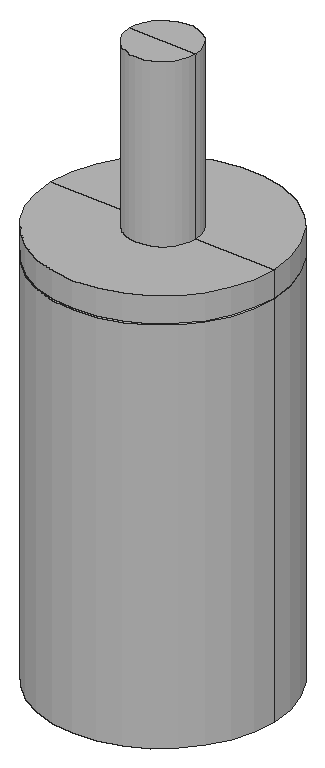
Revit family "PRD_AR_SpprtRls_MEDCAREJointForCurtainRod_ZMEDC0001", category Specialty Equipment, Revit 2023
Family settings
  Round Connector Dimension = Use Diameter
  Part Type = Normal
  OmniClass Number = 23.20.40.11.14
  OmniClass Title = Multi-Purpose Mechanical Fasteners
  Work Plane-Based = No
  Enable Cutting in Views = No
  Always vertical = Yes
  Cut with Voids When Loaded = No
  Maintain Annotation Orientation = No
  Shared = No
  Room Calculation Point = No
Parameters (values of type "ZMEDC0001")
  WarrantyStartDate [instance] = "1900-12-31T23:59:59"
  WarrantyGuarantorParts = "n/a"
  WarrantyGuarantorLabor = "n/a"
  WarrantyDurationUnit = "n/a"
  WarrantyDurationParts = "n/a"
  WarrantyDurationLabor = "n/a"
  WarrantyDescription = "n/a"
  Version = "1"
  Uniclass2015Version = "Products v1.36"
  Uniclass2015Title = "Shower curtain rails"
  Uniclass2015Code = "Pr_40_30_20_77"
  URL = "www.kwc-professional.com"
  Type IFC Predefined Type = "USERDEFINED"
  TagNumber [instance] = "n/a"
  SustainabilityPerformance = "n/a"
  Status = "New"
  Size = "n/a"
  Shape = "n/a"
  SerialNumber [instance] = "n/a"
  Revision = "n/a"
  ReplacementCost = "n/a"
  Reference = "n/a"
  QuantityUom = "piece"
  Quantity = "1"
  ProductInformation = "http://pim.kwc.com/product/3600003786/attachment/datasheet?locale=en"
  NominalWidth = 0 mm
  NominalLength = 0 mm
  NominalHeight = 0 mm
  NominalDepth = 0 mm
  Name = "MEDCARE Joint for curtain rod ZMEDC0001"
  NBSTypeID = "n/a"
  NBSReference = "45-35-70/334"
  NBSOfficeMasterTag = "n/a"
  NBSNote = "n/a"
  NBSDescription = "Shower curtain rails"
  NBSCertification = "n/a"
  ModelReference = "ZMEDC0001"
  ModelNumber = "3600003786"
  Model = ModelReference  # "ZMEDC0001"
  Material = "anodised aluminium"
  ManufacturerURL = "www.kwc-professional.com"
  ManufacturerName = "KWC Group Management AG"  # constant formula
  Manufacturer = ManufacturerName  # "KWC Group Management AG"
  IsExternal = "FALSE"
  InstallationDate [instance] = "1900-12-31T23:59:59"
  IfcExportType = "USERDEFINED"
  IfcExportAs = "IfcRailingType"
  Height = 0 mm
  Grade = "n/a"
  Finish = "n/a"
  Features = "for ceiling mounting of curtain rods, for a tensile load of approx. 30 kg"
  Export Type to IFC As = "IfcRailingType"
  ExpectedLife = "n/a"
  DurationUnit = "n/a"
  Diameter = 27 mm
  Description = "MEDCARE removable joint for ceiling mounting of curtain rods, made of anodised aluminium, suitable for suicide prevention, for a tensile load of approx. 30 kg, expansion bolt included."
  Default Elevation = 0 mm
  CreatedOn = "05/2025"  # constant formula
  Constituents = "n/a"
  Color = "n/a"
  CodePerformance = "n/a"
  Category = "Pr_40_30_20_77, Shower curtain rails"
  BodyMaterial = PRD_AR_Aluminium
  BarCode [instance] = "n/a"
  BIMObjectName = "PRD_AR_ShowerCurtainRails_MEDCAREJointForCurtainRod_ZMEDC0001"
  Author = "Archispace"  # constant formula
  AssetType = "Fixed"
  AssetIdentifier [instance] = "n/a"
  AccessibilityPerformance = "n/a"
Reference planes
  plane 1 "Center (Front/Back)": y = 0
  plane 2: z = 0
  plane 3 "Center (Left/Right)": x = 0
Dimensions and locks
  aligned and locked: level to plane 2
Nested families
  nested 1: "Joint" at (0, 0, 0), type "Joint"
Definition of nested family "Joint"
  Parameters (values of type "Joint")
    Material = none
    Default Elevation = 0 mm
  Reference planes
    plane 1 "Center (Front/Back)": y = 0
    plane 2: z = 0
    plane 3 "Center (Left/Right)": x = 0
  Forms (mm)
    Revolve 1, solid, material <- "Material", detail levels fine
      sketch origin (0, 0, 0) x (1, 0, 0) y (0, 0, 1)
        loop
          line (0, 2.6) -> (3.5, 2.6) -> (6, 0) -> (13.5, 0) -> (13.5, 45.8) -> (0, 45.8) -> (0, 2.6)
        loop
          line (4, 49) -> (4, 69) -> (0, 69) -> (0, 46) -> (13.5, 46) -> (13.5, 49) -> (4, 49)
        axis (0, 69) -> (0, 0)
      angle from 0 to 360
    Revolve 2, solid, material <- "Material", detail levels coarse+medium
      sketch origin (0, 0, 0) x (1, 0, 0) y (0, 0, 1)
        loop
          line (0, 0) -> (13.5, 0) -> (13.5, 46) -> (13.5, 49) -> (0, 49) -> (0, 0)
        axis (0, 49) -> (0, 0)
      angle from 0 to 360
  Dimensions and locks
    aligned and locked: level to plane 2
